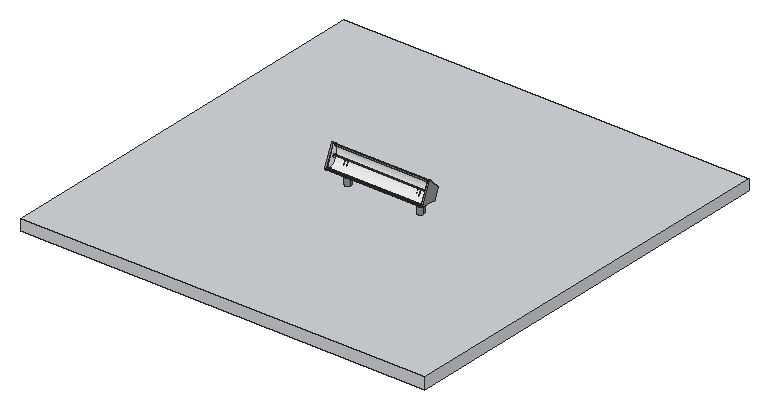
Revit family
Parameters (values of type "ARCOS WW 1/24W T16 Dimmable")
  Width = 591.00 mm
  URL = "http://www.zumtobel.com/60711204"
  Type Comments = ""
  Note [instance] = "Angle value ranges between 1° and 87°"  # constant formula
  Model = "60711204"
  Manufacturer = "Zumtobel Lighting"  # constant formula
  Lamp = "T16"
  Emit Shape Visible in Rendering = yes
  Description = "Wallwasher"
  Body Type = Zumtobel ARCOS WW linear (Body) : ARCOS WW 1/24W T16 Dimmable
  Body [instance] = none
  Apparent Load = 26.7 VA
  Angle [instance] = 25.00°
  Default Elevation = 0.00 mm
  Assembly Code = "D5020210"
Types (6, lengths in mm): name | Width | URL | Model | Lamp | Body Type | Apparent Load | Angle | Assembly Code
  ARCOS WW 1/24W T16 Electronic | 591.00 | "http://www.zumtobel.com/60711202" | "60711202" | "T16" | Zumtobel ARCOS WW linear (Body) : ARCOS WW 1/24W T16 Electronic | 26 VA | 45.00° | "D5020210"
  ARCOS WW 1/24W T16 Dimmable | 591.00 | "http://www.zumtobel.com/60711204" | "60711204" | "T16" | Zumtobel ARCOS WW linear (Body) : ARCOS WW 1/24W T16 Dimmable | 26.7 VA | 25.00° | "D5020210"
  ARCOS WW 1/35W HIT-DE | 398.00 | "http://www.zumtobel.com/60711206" | "60711206" | "HIT-DE-CE" | Zumtobel ARCOS WW linear (Body) : ARCOS WW 1/35W HIT-DE | 43.5 VA | 25.00° | "D5020200"
  ARCOS WW 1/70W HIT-DE | 398.00 | "http://www.zumtobel.com/60711212" | "60711212" | "HIT-DE-CE" | Zumtobel ARCOS WW linear (Body) : ARCOS WW 1/70W HIT-DE | 78.5 VA | 25.00° | "D5020200"
  ARCOS WW 1/54W T16 Electronic | 1191.00 | "http://www.zumtobel.com/60711208" | "60711208" | "T16" | Zumtobel ARCOS WW linear (Body) : ARCOS WW 1/54W T16 Electronic | 55 VA | 25.00° | "D5020210"
  ARCOS WW 1/54W T16 Dimmable | 1191.00 | "http://www.zumtobel.com/60711210" | "60711210" | "T16" | Zumtobel ARCOS WW linear (Body) : ARCOS WW 1/54W T16 Dimmable | 59.7 VA | 25.00° | "D5020210"
Reference planes
  plane 1 "Center (Front/Back)": y = 0
  plane 2: z = 0
  plane 3 "Center (Left/Right)": x = 0
  plane 4: z = 40
  plane 5: z = 135.5
  plane 6 "Left": x = -295.5
  plane 7 "Right": x = 295.5
  plane 8: x = -219.5
  plane 9: x = 219.5
Forms (mm)
  Extrusion 1, solid
    sketch origin (0, 0, 0) x (1, 0, 0) y (0, 1, 0)
      loop
        line (-1219.2, 1219.2) -> (-1219.2, -1219.2) -> (1219.2, -1219.2) -> (1219.2, 1219.2) -> (-1219.2, 1219.2)
    from 0 to -66.193
  Extrusion 2, solid, material <- "Body"
    sketch origin (0, 0, 0) x (1, 0, 0) y (0, 1, 0)
      loop
        circle (-219.5, 0) r 17
      loop
        circle (219.5, 0) r 17
    from 0 to 40
  Extrusion 3, solid, material <- "Body"
    sketch origin (0, 0, 40) x (1, 0, 0) y (0, 1, 0)
      loop
        circle (-220, 0) r 7
      loop
        circle (220, 0) r 7
    from 0 to 95.5
Lines and regions (mm)
  reference lines
    curve 1: line (0, 901.7, 0) -> (0, 0, 0)
Dimensions and locks
  locked: plane 5 to plane 2 at 135.5
  equal spacing: plane 6 "Left", plane 3 "Center (Left/Right)", plane 7 "Right"
  "Width": plane 6 "Left" to plane 7 "Right"
  locked: plane 6 "Left" to plane 8 at 76
  locked: plane 9 to plane 7 "Right" at 76
  locked: plane 9 to connector elem
  aligned and locked: plane 2 to Extrusion 1
  aligned and locked: level to Extrusion 1
  aligned and locked: nested 1 to plane 3 "Center (Left/Right)"
Automatic sketch dimensions
  Extrusion 1 sketch curve to Extrusion 1 sketch curve = 2438.40 mm  (x2)
  plane 1 "Center (Front/Back)" to curve 1 = 0.00 mm
  curve 1 to plane 3 "Center (Left/Right)" = 0.00 mm
  curve 1 to plane 1 "Center (Front/Back)" = 901.70 mm
  plane 1 "Center (Front/Back)" to Extrusion 2 sketch curve = 0.00 mm  (x2)
  Extrusion 2 sketch curve to plane 8 = 0.00 mm
  Extrusion 2 sketch curve to plane 9 = 0.00 mm
  plane 1 "Center (Front/Back)" to Extrusion 3 sketch curve = 0.00 mm  (x2)
  Extrusion 3 sketch curve to plane 8 = 0.50 mm
  Extrusion 3 sketch curve to plane 9 = 0.50 mm
  radius of Extrusion 2 sketch curve = 17.00 mm  (x2)
  radius of Extrusion 3 sketch curve = 7.00 mm  (x2)
Nested families
  nested 1: "Zumtobel ARCOS WW linear (Body)" at (-260, 155, 135.5) x (-1, 0, 0) z (0, 0, -1), Angle <- "Angle", Body <- "Body", type <- "Body Type", type "ARCOS WW 1/24W T16 Dimmable"
    with Body none, Angle 25.00°, Width 591.00 mm
Connectors
  electrical at (219.5, 0, 0), driven by "Apparent Load"
    settings: index 1
Definition of nested family "Zumtobel ARCOS WW linear (Body)"
  Parameters (values of type "ARCOS WW 1/35W HIT-DE")
    Width = 398.00 mm
    Wattage = 22.8892 W
    built-in parameter 1150110 = 1 (stored number, unit not read)
    URL = ""
    built-in parameter 1114217 = 1 (stored number, unit not read)
    Tilt Angle = 60.00°
    built-in parameter 1150109 = 1 (stored number, unit not read)
    built-in parameter 1150134 = 3
    built-in parameter 1150113 = 1 (stored number, unit not read)
    Photometric Web File = "ST6294.IES"
    Model = ""
    Manufacturer = "Zumtobel Lighting"  # constant formula
    built-in parameter 1150105 = 2006 (stored number, unit not read)
    Lumens = 3400 lm
    built-in parameter 1150115 = 1 (stored number, unit not read)
    built-in parameter 1150137 = (empty or 0)
    built-in parameter 1150139 = (empty or 0)
    Lamp Width = 154.00 mm
    built-in parameter 1150112 = 1 (stored number, unit not read)
    built-in parameter 1150114 = 1 (stored number, unit not read)
    Lamp = ""
    built-in parameter 1150132 = 2
    built-in parameter 1150102 = (empty or 0)
    built-in parameter 1150107 = 3200 (stored number, unit not read)
    built-in parameter 1150138 = (empty or 0)
    built-in parameter 1150106 = 20.06 (stored number, unit not read)
    built-in parameter 1150104 = 13.8 (stored number, unit not read)
    Dimming Lamp Color Temperature Shift = (empty or 0)
    Description = "Zumtobel ARCOS WW 2 Body"  # constant formula
    Default Elevation = 0.00 mm
    Color Filter = 16777215
    Body [instance] = none
    built-in parameter 1114218 = 1 (stored number, unit not read)
    built-in parameter 1150133 = 10 (stored number, unit not read)
    Asymmetric = yes
    Assembly Code = ""
    Apparent Load = 43.5 VA
    Angle [instance] = 45.00°
  Types (3, lengths in mm): name | Wattage | Photometric Web File | built-in parameter 1150105 | Lumens | Lamp Width | built-in parameter 1150106 | Asymmetric | Apparent Load | Angle
    ARCOS WW 1/24W T16 Electronic | 11.7812 W | "ST6383.IES" | 139.26 (stored number, unit not read) | 1750 lm | 580.00 | 1.3926 (stored number, unit not read) | no | 26 VA | 35.00°
    ARCOS WW 1/24W T16 Dimmable | 11.7812 W | "ST6383.IES" | 139.26 (stored number, unit not read) | 1750 lm | 580.00 | 1.3926 (stored number, unit not read) | no | 26.7 VA | 45.00°
    ARCOS WW 1/35W HIT-DE | 22.8892 W | "ST6294.IES" | 2006 (stored number, unit not read) | 3400 lm | 154.00 | 20.06 (stored number, unit not read) | yes | 43.5 VA | 45.00°
  Reference planes
    plane 1 "Top": z = 0
    plane 2 "Center (Front/Back)": y = -155
    plane 3 "Center Lamp": x = -138
    plane 4: z = 135.5
    plane 5: x = -459
    plane 6: x = -449
    plane 7: x = -61
    plane 8: x = -71
    plane 9 "Cut Left": x = -391
    plane 10 "Cut Right": x = -375
    plane 11: x = -72
    plane 12: x = -210
    plane 13: x = -77
    plane 14: x = -383
    plane 15: x = -393
    plane 16: x = -373
    plane 17: x = -129
    plane 18: x = -145
    plane 19: x = -137
    plane 20: x = -127
    plane 21: x = -147
    plane 22: x = -215
    plane 23: x = -448
    plane 24 "Center (Left/Right)": x = -260
  Forms (mm)
    Extrusion 1, void
      sketch origin (-138, -155, 0) x (0, -0.707107, -0.707107) y (0, -0.707107, 0.707107)
        loop
          line (8, 100) -> (-91.855, 100) -> (-91.855, -8) -> (8, -8) -> (8, 100)
      from 237 to 253
    Extrusion 2, solid, material <- "Body"
      sketch origin (-138, -155, 0) x (0, -0.707107, -0.707107) y (0, 0.707107, -0.707107)
        loop
          line (53.75, -70.024) -> (53.75, 58.039)
          arc (53.75, 58.039) -> (52.958, 59.633) -> (51.208, 59.964) r 2
          line (51.208, 59.964) -> (-25.167, 28.262)
          arc (-25.167, 28.262) -> (-27.408, 26.42) -> (-28.25, 23.644) r 5
          line (-28.25, 23.644) -> (-28.25, -35.644)
          arc (-28.25, -35.644) -> (-27.408, -38.42) -> (-25.167, -40.262) r 5
          line (-25.167, -40.262) -> (50.983, -71.871)
          arc (50.983, -71.871) -> (52.861, -71.687) -> (53.75, -70.024) r 2
      from -321 to -311
    Extrusion 3, solid, material <- "Body"
      sketch origin (-138, -155, 0) x (0, -0.707107, -0.707107) y (0, -0.707107, 0.707107)
        loop
          arc (-25.167, 40.262) -> (-27.408, 38.42) -> (-28.25, 35.644) r 5
          line (-28.25, 35.644) -> (-28.25, -23.644)
          arc (-28.25, -23.644) -> (-27.408, -26.42) -> (-25.167, -28.262) r 5
          line (-25.167, -28.262) -> (50.983, -59.871)
          arc (50.983, -59.871) -> (52.861, -59.687) -> (53.75, -58.024) r 2
          line (53.75, -58.024) -> (53.75, 70.024)
          arc (53.75, 70.024) -> (52.861, 71.687) -> (50.983, 71.871) r 2
          line (50.983, 71.871) -> (-25.167, 40.262)
      from -77 to -67
    Extrusion 4, solid, material <- "Body"
      sketch origin (-138, -155, 0) x (0, -0.707107, -0.707107) y (0, 0.707107, -0.707107)
        loop
          line (-25.167, -40.262) -> (50.983, -71.871)
          arc (50.983, -71.871) -> (52.861, -71.687) -> (53.75, -70.024) r 2
          line (53.75, -70.024) -> (53.75, -64.002) -> (52.25, -64.002) -> (52.25, -68.526)
          arc (52.25, -68.526) -> (51.583, -69.773) -> (50.175, -69.911) r 1.5
          line (50.175, -69.911) -> (-24.592, -38.877)
          arc (-24.592, -38.877) -> (-26.161, -37.587) -> (-26.75, -35.644) r 3.5
          line (-26.75, -35.644) -> (-26.75, 23.644)
          arc (-26.75, 23.644) -> (-26.161, 25.587) -> (-24.592, 26.877) r 3.5
          line (-24.592, 26.877) -> (50.867, 58.198)
          arc (50.867, 58.198) -> (51.805, 58.106) -> (52.25, 57.275) r 1
          line (52.25, 57.275) -> (52.25, 52.002) -> (53.75, 52.002) -> (53.75, 58.024)
          arc (53.75, 58.024) -> (52.861, 59.687) -> (50.983, 59.871) r 2
          line (50.983, 59.871) -> (-25.167, 28.262)
          arc (-25.167, 28.262) -> (-27.408, 26.42) -> (-28.25, 23.644) r 5
          line (-28.25, 23.644) -> (-28.25, -35.644)
          arc (-28.25, -35.644) -> (-27.408, -38.42) -> (-25.167, -40.262) r 5
      from -310 to 66
    Extrusion 5, solid, material "Zumtobel_Glass_White"
      sketch origin (-138, -155, 0) x (0, -0.707107, -0.707107) y (0, 0.707107, -0.707107)
        loop
          line (52.25, -65.502) -> (52.25, 53.502) -> (50.75, 53.502) -> (50.75, -65.502) -> (52.25, -65.502)
      from -77 to 66
    Extrusion 6, solid, material <- "Body"
      sketch origin (-138, -155, 0) x (0, -0.707107, -0.707107) y (0, 0.707107, -0.707107)
        loop
          line (8, 8) -> (8, -52.405) -> (10, -53.235) -> (10, 9.5) -> (-26.75, 9.5) -> (-26.75, 8) -> (8, 8)
      from -253 to -237
    Extrusion 7, solid, material <- "Body"
      sketch origin (-138, -155, 0) x (0, -0.707107, -0.707107) y (0, 0.707107, -0.707107)
        loop
          arc (-26.75, -35.644) -> (-26.161, -37.587) -> (-24.592, -38.877) r 3.5
          line (-24.592, -38.877) -> (10, -53.235) -> (10, 9.5) -> (-26.75, 9.5) -> (-26.75, -35.644)
      from -237 to -235
    Extrusion 8, solid, material <- "Body"
      sketch origin (-138, -155, 0) x (0, -0.707107, -0.707107) y (0, -0.707107, 0.707107)
        loop
          line (-26.75, 35.644) -> (-26.75, -9.5) -> (10, -9.5) -> (10, 53.235) -> (-24.592, 38.877)
          arc (-24.592, 38.877) -> (-26.161, 37.587) -> (-26.75, 35.644) r 3.5
      from 253 to 255
    Extrusion 9, solid, material "Zumtobel_Lamp"
      sketch origin (-138, -155, 0) x (0, -0.707107, -0.707107) y (0, 0.707107, -0.707107)
        loop
          circle (30, 0) r 5
      from -72 to 61
    Extrusion 10, solid, material "Zumtobel_Plastic_White"
      sketch origin (-138, -155, 0) x (0, -0.707107, -0.707107) y (0, 0.707107, -0.707107)
        loop
          circle (30, 0) r 7.5
      from -77 to -72
    Extrusion 11, void
      sketch origin (-138, -155, 0) x (0, -0.707107, -0.707107) y (0, 0.707107, -0.707107)
        loop
          line (8, -100) -> (8, 8) -> (-91.855, 8) -> (-91.855, -100) -> (8, -100)
      from -7 to 9
    Extrusion 12, solid, material <- "Body"
      sketch origin (-138, -155, 0) x (0, -0.707107, -0.707107) y (0, -0.707107, 0.707107)
        loop
          line (8, -8) -> (-26.75, -8) -> (-26.75, -9.5) -> (10, -9.5) -> (10, 53.235) -> (8, 52.405) -> (8, -8)
      from -9 to 7
    Extrusion 13, solid, material <- "Body"
      sketch origin (-138, -155, 0) x (0, -0.707107, -0.707107) y (0, -0.707107, 0.707107)
        loop
          line (-26.75, 35.644) -> (-26.75, -9.5) -> (10, -9.5) -> (10, 53.235) -> (-24.592, 38.877)
          arc (-24.592, 38.877) -> (-26.161, 37.587) -> (-26.75, 35.644) r 3.5
      from 7 to 9
    Extrusion 14, solid, material <- "Body"
      sketch origin (-138, -155, 0) x (0, -0.707107, -0.707107) y (0, 0.707107, -0.707107)
        loop
          arc (-26.75, -35.644) -> (-26.161, -37.587) -> (-24.592, -38.877) r 3.5
          line (-24.592, -38.877) -> (10, -53.235) -> (10, 9.5) -> (-26.75, 9.5) -> (-26.75, -35.644)
      from 9 to 11
    Extrusion 15, solid, material "Zumtobel_Plastic_White"
      sketch origin (-138, -155, 0) x (0, -0.707107, -0.707107) y (0, -0.707107, 0.707107)
        loop
          circle (30, 0) r 7.5
      from -66 to -61
    Extrusion 16, solid, material "Zumtobel_Aluminium_Silver"
      sketch origin (-138, -155, 0) x (0, 0.707107, 0.707107) y (0, -0.707107, 0.707107)
        loop
          line (-50.867, -58.198) -> (-10, -41.235) -> (-10, 53.235) -> (-50.175, 69.911)
          arc (-50.175, 69.911) -> (-51.583, 69.773) -> (-52.25, 68.526) r 1.5
          line (-52.25, 68.526) -> (-52.25, 65.502) -> (-50.75, 65.502)
          arc (-50.75, 65.502) -> (-42.833, 66.315) -> (-35.662, 62.863) r 14.627
          arc (-35.662, 62.863) -> (-11.649, -1.836) -> (-52.148, -57.716) r 73.146
          arc (-52.148, -57.716) -> (-51.603, -58.211) -> (-50.867, -58.198) r 1
      from -77 to 66
    Extrusion 17, solid, material <- "Body", visible <- "Asymmetric"
      sketch origin (-138, -155, 0) x (0, 0.707107, 0.707107) y (0, -0.707107, 0.707107)
        loop
          line (-50.75, -53.502) -> (-50.75, 65.502) -> (-52.25, 65.502) -> (-52.25, -53.502) -> (-50.75, -53.502)
      from -310 to -77
  Cuts and joins
    Extrusion 1, Extrusion 11 cuts Extrusion 4
    Extrusion 11 cuts Extrusion 6
    Extrusion 11 cuts Extrusion 7
    Extrusion 11 cuts Extrusion 8
    joined: Extrusion 4, Extrusion 6, Extrusion 7, Extrusion 8, Extrusion 12, Extrusion 13, Extrusion 14
    Extrusion 11 cuts Extrusion 5
    Extrusion 11 cuts Extrusion 9
  Lines and regions (mm)
    reference lines
      curve 1: line (-138, -155, 0) -> (-138, -179.749, -24.749)
      curve 2: line (-138, -179.749, -24.749) -> (-138, -256.223, 51.726)
      curve 3: line (-138, -155, 0) -> (-138, -123.059, 31.941)
      curve 4: line (-138, -179.749, -24.749) -> (-138, -227.838, -72.838)
      curve 5: line (-138, -193.007, -38.007) -> (-138, -271.622, 40.608)
      curve 6: line (-138, -155, 0) -> (-138, -180.669, 25.669)
      curve 7: line (-138, -135.024, 19.976) -> (-138, -255.98, 140.932)
      curve 8: line (-138, -165.607, -10.607) -> (-138, -197.039, 20.826)
  Dimensions and locks
    locked: plane 4 to plane 1 "Top" at 135.5
    locked: Extrusion 1 sketch curve to curve 1 at 8
    locked: Extrusion 6 sketch curve to Extrusion 6 sketch curve at 2
    curve 5 to Extrusion 5 sketch curve to Extrusion 5 sketch curve = 1.50 mm locked, 1.50 mm locked
    locked: curve 6 to curve 7 at 28.25
    locked: curve 5 to curve 6 at 53.75
    locked: curve 2 to curve 6 at 35
    plane 5 to plane 6 to plane 23 = 10.00 mm locked, 1.00 mm locked
    plane 11 to plane 8 to plane 7 = 1.00 mm locked, 10.00 mm locked
    "Width": plane 5 to plane 7
    locked: plane 13 to plane 11 at 5
    locked: plane 5 to plane 14 at 76
    plane 15 to plane 9 "Cut Left" to plane 14 = 2.00 mm locked, 8.00 mm locked
    plane 14 to plane 10 "Cut Right" to plane 16 = 8.00 mm locked, 2.00 mm locked
    plane 20 to plane 17 to plane 19 = 2.00 mm locked, 8.00 mm locked
    plane 19 to plane 18 to plane 21 = 8.00 mm locked, 2.00 mm locked
    locked: plane 19 to plane 7 at 76
    locked: Extrusion 12 sketch curve to Extrusion 12 sketch curve at 2
    equal spacing: plane 22, plane 3 "Center Lamp", plane 7
    "Lamp Width": plane 22 to plane 7
    curve 5 to Extrusion 17 sketch curve to Extrusion 17 sketch curve = 1.50 mm locked, 1.50 mm locked
    equal spacing: plane 5, plane 24 "Center (Left/Right)", plane 7
    locked: plane 22 to plane 12 at 5
    "Angle": angle curve 4 to plane 1 "Top"
    "Angle": angle curve 3 to plane 1 "Top"
    aligned and locked: level to plane 1 "Top"
    aligned and locked: plane 2 "Center (Front/Back)" to curve 1
    aligned and locked: plane 1 "Top" to curve 1
    aligned and locked: imposter light to curve 4  (x2)
    aligned and locked: Extrusion 8 sketch curve to cut or joined group 1 (Extrusion 1, Extrusion 4, Extrusion 6, Extrusion 7, Extrusion 8, Extrusion 11, Extrusion 12, Extrusion 13, Extrusion 14)
    aligned and locked: Extrusion 7 sketch curve to cut or joined group 1
    aligned and locked: Extrusion 6 sketch curve to cut or joined group 1
    aligned: Extrusion 8 sketch curve to Extrusion 6
    aligned and locked: Extrusion 7 sketch curve to Extrusion 8
    aligned and locked: Extrusion 2 sketch curve to curve 5
    aligned and locked: Extrusion 4 sketch curve to curve 5
    aligned and locked: curve 5 to Extrusion 4 sketch curve
    aligned and locked: Extrusion 3 sketch curve to curve 5
    aligned and locked: Extrusion 2 sketch curve to cut or joined group 1  (x2)
    aligned and locked: Extrusion 4 sketch curve to curve 7
    aligned and locked: plane 5 to Extrusion 2
    aligned and locked: Extrusion 2 to plane 6
    aligned and locked: Extrusion 3 to plane 7
    aligned and locked: plane 8 to Extrusion 3
    aligned and locked: cut or joined group 1 to plane 11
    aligned and locked: Extrusion 5 to plane 11
    aligned and locked: Extrusion 1 to plane 9 "Cut Left"
    aligned and locked: plane 10 "Cut Right" to Extrusion 1
    aligned and locked: plane 9 "Cut Left" to cut or joined group 1
    aligned and locked: Extrusion 8 to plane 15
    aligned and locked: cut or joined group 1 to plane 9 "Cut Left"
    aligned and locked: plane 10 "Cut Right" to cut or joined group 1
    aligned and locked: cut or joined group 1 to plane 10 "Cut Right"
    aligned and locked: cut or joined group 1 to plane 16
    aligned and locked: Extrusion 11 to cut or joined group 1  (x2)
    aligned and locked: cut or joined group 1 to plane 17  (x2)
    aligned and locked: plane 18 to cut or joined group 1  (x2)
    aligned and locked: Extrusion 13 sketch curve to Extrusion 14
    aligned and locked: cut or joined group 1 to plane 18
    aligned and locked: cut or joined group 1 to plane 21
    aligned and locked: plane 17 to cut or joined group 1
    aligned and locked: cut or joined group 1 to plane 20
    aligned and locked: plane 12 to cut or joined group of Extrusion 9, Extrusion 11
    aligned and locked: Extrusion 15 to plane 11
    aligned and locked: Extrusion 15 to plane 13
    aligned and locked: plane 13 to cut or joined group of Extrusion 9, Extrusion 11
    aligned and locked: Extrusion 10 to plane 12
    aligned and locked: Extrusion 16 sketch curve to cut or joined group 1  (x3)
    aligned and locked: cut or joined group 1 to Extrusion 16 sketch curve
    aligned and locked: Extrusion 16 sketch curve to cut or joined group of Extrusion 5, Extrusion 11
    aligned and locked: Extrusion 16 to plane 11
    aligned and locked: imposter light to plane 3 "Center Lamp"
    aligned and locked: plane 23 to cut or joined group 1
    aligned: plane 23 to Extrusion 17
    aligned: plane 6 to Extrusion 17
    aligned: plane 22 to Extrusion 17
    aligned and locked: plane 23 to Extrusion 17
    aligned and locked: Extrusion 16 to plane 22
    aligned and locked: Extrusion 10 to plane 22
    aligned and locked: cut or joined group of Extrusion 5, Extrusion 11 to plane 22
  Automatic sketch dimensions
    level to curve 8 = 10.607 mm
    curve 6 to plane 2 "Center (Front/Back)" = 25.669 mm
    curve 7 to plane 4 = 5.432 mm
    curve 8 to level = 20.826 mm
    curve 2 to level = 51.726 mm
    curve 5 to level = 40.608 mm
    Extrusion 1 sketch curve to curve 3 = 46.683 mm
    curve 3 to Extrusion 1 sketch curve = 8.00 mm
    curve 3 to Extrusion 1 sketch curve = 100.00 mm
    Extrusion 2 sketch curve to Extrusion 2 sketch curve = 1.917 mm  (x2)
    Extrusion 2 sketch curve to Extrusion 2 sketch curve = 2.767 mm
    Extrusion 2 sketch curve to Extrusion 2 sketch curve = 2.542 mm
    Extrusion 2 sketch curve to Extrusion 2 sketch curve = 0.767 mm
    Extrusion 2 sketch curve to Extrusion 2 sketch curve = 0.542 mm
    Extrusion 2 sketch curve to curve 1 = 70.024 mm
    curve 1 to Extrusion 2 sketch curve = 58.039 mm
    Extrusion 3 sketch curve to Extrusion 3 sketch curve = 2.00 mm  (x2)
    Extrusion 3 sketch curve to Extrusion 3 sketch curve = 0.767 mm  (x2)
    Extrusion 3 sketch curve to curve 1 = 23.25 mm  (x2)
    Extrusion 3 sketch curve to Extrusion 3 sketch curve = 1.917 mm  (x2)
    Extrusion 3 sketch curve to Extrusion 3 sketch curve = 5.00 mm
    Extrusion 3 sketch curve to curve 1 = 59.871 mm
    Extrusion 3 sketch curve to curve 1 = 28.262 mm
    curve 1 to Extrusion 3 sketch curve = 35.644 mm
    curve 1 to Extrusion 3 sketch curve = 70.024 mm
    Extrusion 4 sketch curve to Extrusion 4 sketch curve = 0.00 mm  (x4)
    Extrusion 4 sketch curve to Extrusion 4 sketch curve = 1.50 mm  (x2)
    Extrusion 4 sketch curve to Extrusion 4 sketch curve = 1.583 mm  (x2)
    Extrusion 4 sketch curve to Extrusion 4 sketch curve = 0.575 mm  (x3)
    Extrusion 4 sketch curve to Extrusion 4 sketch curve = 3.50 mm  (x2)
    Extrusion 4 sketch curve to Extrusion 4 sketch curve = 3.575 mm
    Extrusion 4 sketch curve to Extrusion 4 sketch curve = 2.883 mm
    Extrusion 4 sketch curve to Extrusion 4 sketch curve = 0.117 mm
    Extrusion 4 sketch curve to Extrusion 4 sketch curve = 0.808 mm
    Extrusion 4 sketch curve to Extrusion 4 sketch curve = 0.383 mm
    Extrusion 4 sketch curve to Extrusion 4 sketch curve = 0.883 mm
    Extrusion 4 sketch curve to Extrusion 4 sketch curve = 1.575 mm
    Extrusion 4 sketch curve to Extrusion 4 sketch curve = 0.50 mm
    Extrusion 4 sketch curve to curve 1 = 71.871 mm
    Extrusion 4 sketch curve to Extrusion 4 sketch curve = 0.112 mm
    Extrusion 4 sketch curve to Extrusion 4 sketch curve = 4.524 mm
    Extrusion 4 sketch curve to curve 1 = 40.262 mm
    Extrusion 4 sketch curve to curve 1 = 23.644 mm
    curve 1 to Extrusion 4 sketch curve = 52.002 mm
    Extrusion 4 sketch curve to Extrusion 4 sketch curve = 5.273 mm
    Extrusion 4 sketch curve to Extrusion 4 sketch curve = 0.749 mm
    Extrusion 5 sketch curve to curve 1 = 65.502 mm
    curve 1 to Extrusion 5 sketch curve = 53.502 mm
    Extrusion 6 sketch curve to curve 1 = 8.00 mm
    Extrusion 6 sketch curve to curve 1 = 26.75 mm
    curve 1 to Extrusion 6 sketch curve = 8.00 mm
    Extrusion 6 sketch curve to Extrusion 6 sketch curve = 1.50 mm
    Extrusion 7 sketch curve to curve 1 = 23.25 mm
    Extrusion 7 sketch curve to Extrusion 7 sketch curve = 1.342 mm
    Extrusion 7 sketch curve to Extrusion 7 sketch curve = 3.50 mm
    Extrusion 7 sketch curve to curve 1 = 9.50 mm
    Extrusion 8 sketch curve to curve 1 = 26.75 mm
    Extrusion 8 sketch curve to Extrusion 8 sketch curve = 2.158 mm
    Extrusion 8 sketch curve to Extrusion 8 sketch curve = 3.50 mm
    curve 1 to Extrusion 8 sketch curve = 10.00 mm
    curve 1 to Extrusion 8 sketch curve = 9.50 mm
    Extrusion 9 sketch curve to curve 1 = 0.00 mm
    Extrusion 9 sketch curve to curve 1 = 5.00 mm
    Extrusion 10 sketch curve to curve 1 = 0.00 mm
    Extrusion 10 sketch curve to curve 1 = 5.00 mm
    curve 3 to Extrusion 11 sketch curve = 8.00 mm  (x2)
    Extrusion 11 sketch curve to curve 3 = 46.683 mm
    Extrusion 11 sketch curve to curve 3 = 100.00 mm
    curve 1 to Extrusion 12 sketch curve = 8.00 mm  (x2)
    Extrusion 12 sketch curve to curve 1 = 26.75 mm
    Extrusion 12 sketch curve to Extrusion 12 sketch curve = 1.50 mm
    curve 1 to Extrusion 12 sketch curve = 52.405 mm
    Extrusion 12 sketch curve to Extrusion 12 sketch curve = 0.83 mm
    Extrusion 13 sketch curve to curve 1 = 23.25 mm
    Extrusion 13 sketch curve to Extrusion 13 sketch curve = 1.342 mm
    Extrusion 13 sketch curve to Extrusion 13 sketch curve = 3.50 mm
    curve 1 to Extrusion 13 sketch curve = 9.50 mm
    curve 1 to Extrusion 13 sketch curve = 35.644 mm
    curve 1 to Extrusion 13 sketch curve = 53.235 mm
    Extrusion 14 sketch curve to curve 1 = 26.75 mm
    Extrusion 14 sketch curve to Extrusion 14 sketch curve = 2.158 mm
    Extrusion 14 sketch curve to Extrusion 14 sketch curve = 3.50 mm
    curve 1 to Extrusion 14 sketch curve = 10.00 mm
    Extrusion 14 sketch curve to curve 1 = 53.235 mm
    Extrusion 14 sketch curve to curve 1 = 38.877 mm
    Extrusion 14 sketch curve to curve 1 = 9.50 mm
    curve 1 to Extrusion 15 sketch curve = 0.00 mm
    Extrusion 15 sketch curve to curve 1 = 5.00 mm
    Extrusion 16 sketch curve to Extrusion 16 sketch curve = 0.898 mm
    Extrusion 16 sketch curve to curve 3 = 8.072 mm
    Extrusion 16 sketch curve to Extrusion 16 sketch curve = 0.383 mm
    Extrusion 16 sketch curve to Extrusion 16 sketch curve = 0.575 mm  (x2)
    Extrusion 16 sketch curve to Extrusion 16 sketch curve = 5.397 mm
    Extrusion 16 sketch curve to Extrusion 16 sketch curve = 9.69 mm
    Extrusion 16 sketch curve to Extrusion 16 sketch curve = 0.00 mm
    Extrusion 16 sketch curve to curve 3 = 41.235 mm
    Extrusion 17 sketch curve to curve 3 = 53.502 mm
    curve 3 to Extrusion 17 sketch curve = 65.502 mm
    radius of Extrusion 9 sketch curve = 5.00 mm
    radius of Extrusion 10 sketch curve = 7.50 mm
    radius of Extrusion 15 sketch curve = 7.50 mm
